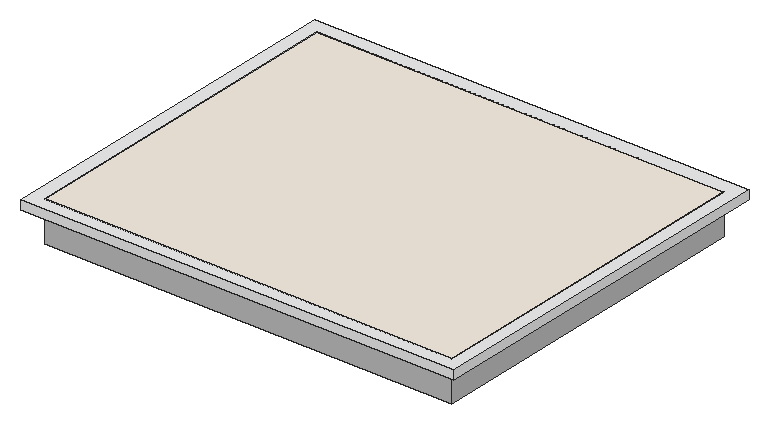
Revit family "Lighting-Industrial-GEWISS-ELIA-HL-LED_HIGHBAY", category Apparecchi per illuminazione, host Superficie, Revit 2019 (continued)
Types (12, lengths in mm): name | Weight (kg): | Weight (kg) | Voltage | Technical sheet | System power | Optic | built-in parameter 1150142 | Lumen output (lm) | Model | IDT | File diagramma fotometrico | Description
    6.18 \r\n410.76 386.96 364.36 342.97 323.07 304.10 285.68 267.10 \r\n246.81 226.65 208.11 190.53 173.87 157.85 142.13 126.90 \r\n112.25 98.18 84.63 71.80 59.88 48.88 38.80 29.70 21.44 \r\n14.57 9.76 6.59 4.86 4.63 \r\n13471.52 13472.86 13475.55 13478.24 13482.28 13486.31 \r\n13493.04 13501.11 13509.18 13518.59 13528.01 13538.77 \r\n13550.87 13562.98 13577.77 13589.88 13603.33 13619.47 \r\n13634.26 13650.40 13666.54 13682.68 13697.48 13710.93 \r\n13727.07 13741.86 13755.31 13768.76 13779.52 13791.63 \r\n13801.04 13810.46 13817.18 13822.56 13823.91 13823.91 \r\n13819.87 13813.15 13805.08 13791.63 13776.83 13758.00 \r\n13736.48 13712.27 13682.68 13651.75 13616.78 13577.77 \r\n13533.39 13486.31 13435.20 13380.06 13318.19 13253.63 \r\n13181.00 13104.33 13019.60 12928.14 12828.61 12719.66 \r\n12601.30 12474.87 12337.68 12191.08 12032.37 11864.24 \r\n11686.70 11502.44 11306.07 11098.94 10874.32 10628.19 \r\n10360.53 10071.36 9768.73 9471.49 9172.90 8875.65 8582.44 \r\n8297.30 8021.58 7753.92 7497.03 7245.51 7004.76 6780.14 \r\n6568.98 6365.89 6166.82 5973.15 5783.50 5592.51 5405.55 \r\n5225.32 5051.82 4885.04 4723.64 4564.93 4411.60 4260.96 \r\n4118.39 3981.20 3848.05 3714.89 3585.77 3460.68 3339.63 \r\n3222.62 3108.29 2993.97 2879.64 2766.66 2655.43 2546.49 \r\n2440.37 2338.01 2238.48 2140.70 2047.22 1960.07 1878.83 \r\n1804.18 1734.78 1669.41 1606.87 1546.48 1486.76 1425.57 \r\n1364.91 1305.86 1247.49 1188.04 1130.47 1078.15 1027.98 \r\n976.47 926.57 880.17 836.59 796.11 757.77 720.65 684.60 \r\n649.50 615.47 583.06 551.99 521.86 492.81 463.22 434.97 \r\n409.82 386.28 363.69 342.44 322.53 303.57 285.01 266.11 \r\n245.79 225.70 207.41 190.09 173.49 157.46 141.74 126.52 \r\n111.94 97.94 84.44 71.66 59.77 48.78 38.72 29.66 21.44 \r\n14.61 9.81 6.64 4.89 4.64 \r\n13471.52 13472.86 13475.55 13478.24 13482.28 13486.31 \r\n13493.04 13501.11 13509.18 13518.59 13528.01 13538.77 \r\n13550.87 13561.63 13576.43 13589.88 13603.33 13618.12 \r\n13634.26 13649.06 13665.20 13679.99 13696.13 13710.93 \r\n13725.72 13740.52 13753.97 13767.42 13779.52 13790.28 \r\n13801.04 13809.11 13817.18 13822.56 13823.91 13823.91 \r\n13821.22 13814.49 13806.42 13794.32 13779.52 13762.04 \r\n13740.52 13716.31 13688.06 13657.13 13623.50 13584.50 \r\n13540.11 13494.38 13443.27 13389.47 13327.60 13264.39 \r\n13193.10 13116.44 13033.05 12941.59 12843.40 12735.80 \r\n12620.13 12495.05 12357.86 12211.25 12055.23 11888.45 \r\n11712.26 11526.65 11331.62 11124.49 10903.91 10659.12 \r\n10392.81 10102.29 9799.67 9501.08 9201.14 8903.90 8609.34 \r\n8318.82 8039.06 7768.72 7507.79 7254.93 7012.83 6786.87 \r\n6573.01 6367.23 6169.51 5975.84 5788.88 5596.55 5408.24 \r\n5223.98 5047.78 4881.00 4720.95 4560.90 4406.22 4256.93 \r\n4113.01 3974.47 3841.32 3708.16 3580.39 3455.30 3335.60 \r\n3218.59 3104.26 2991.28 2878.30 2765.32 2653.28 2542.99 \r\n2435.39 2331.83 2231.76 2135.05 2043.06 1956.44 1875.47 \r\n1800.95 1731.15 1665.65 1602.97 1542.18 1482.32 1421.26 \r\n1360.60 1301.56 1243.18 1184.00 1126.84 1075.46 1025.70 \r\n974.18 924.01 877.48 833.90 793.95 756.16 719.17 683.39 \r\n648.02 613.86 581.85 551.18 521.19 492.00 462.14 433.76 \r\n408.75 385.48 363.28 342.03 322.13 303.03 284.06 265.05 \r\n244.72 224.76 206.74 189.67 173.10 157.06 141.35 126.16 \r\n111.65 97.73 84.28 71.55 59.68 48.70 38.68 29.64 21.46 \r\n14.67 9.87 6.69 4.93 4.66 \r\n13471.52 13472.86 13475.55 13478.24 13482.28 13486.31 \r\n13493.04 13501.11 13509.18 13517.25 13528.01 13537.42 \r\n13549.53 13561.63 13576.43 13589.88 13601.98 13618.12 \r\n13632.92 13647.71 13663.85 13678.65 13694.79 13709.58 \r\n13724.38 13739.17 13753.97 13766.07 13778.18 13790.28 \r\n13801.04 13809.11 13817.18 13821.22 13825.25 13825.25 \r\n13822.56 13815.84 13807.77 13797.01 13783.56 13764.73 \r\n13745.90 13720.34 13693.44 13662.51 13628.88 13589.88 \r\n13548.18 13501.11 13450.00 13396.20 13337.02 13273.80 \r\n13203.86 13127.20 13045.15 12955.04 12858.20 12751.94 \r\n12637.62 12512.53 12378.03 12231.43 12078.10 11911.32 \r\n11735.12 11550.86 11357.18 11152.74 10929.47 10687.37 \r\n10422.40 10133.23 9831.95 9532.01 9230.73 8932.14 8636.24 \r\n8341.69 8053.86 7782.17 7521.24 7264.34 7020.90 6792.25 \r\n6575.70 6368.57 6172.20 5979.87 5791.57 5599.23 5409.59 \r\n5223.98 5045.10 4879.66 4719.60 4558.20 4400.84 4251.55 \r\n4107.63 3970.44 3837.28 3704.13 3576.35 3452.61 3331.56 \r\n3215.89 3102.91 2989.93 2876.95 2763.97 2651.94 2540.17 \r\n2431.09 2326.31 2225.71 2130.08 2039.42 1953.48 1872.64 \r\n1798.00 1728.19 1662.29 1599.34 1538.14 1477.89 1416.96 \r\n1356.43 1297.25 1238.74 1179.97 1123.34 1072.64 1023.54 \r\n971.90 921.73 875.19 831.75 791.94 754.54 717.83 681.91 \r\n646.54 612.38 580.77 550.37 520.65 491.33 461.20 432.69 \r\n407.80 384.94 362.88 341.63 321.72 302.49 283.26 263.97 \r\n243.69 223.90 206.12 189.27 172.71 156.64 140.94 125.80 \r\n111.37 97.53 84.16 71.47 59.64 48.66 38.66 29.63 21.50 \r\n14.74 9.94 6.74 4.97 4.67 \r\n13471.52 13472.86 13475.55 13478.24 13482.28 13486.31 \r\n13493.04 13501.11 13507.83 13517.25 13525.32 13537.42 \r\n13548.18 13561.63 13575.08 13588.53 13601.98 13616.78 \r\n13631.57 13647.71 13662.51 13678.65 13693.44 13709.58 \r\n13724.38 13737.83 13751.28 13764.73 13778.18 13788.94 \r\n13799.70 13809.11 13817.18 13822.56 13823.91 13825.25 \r\n13823.91 13817.18 13810.46 13799.70 13784.90 13768.76 \r\n13748.59 13724.38 13697.48 13667.89 13634.26 13596.60 \r\n13554.91 13509.18 13458.07 13404.27 13346.43 13283.22 \r\n13214.62 13140.65 13058.60 12968.49 12872.99 12769.43 \r\n12653.76 12531.36 12396.86 12252.95 12098.27 11932.84 \r\n11757.99 11575.07 11382.73 11176.95 10956.37 10714.27 \r\n10451.99 10164.16 9861.54 9560.26 9257.63 8959.04 8661.80 \r\n8361.86 8072.69 7795.62 7530.65 7273.76 7027.62 6797.63 \r\n6579.74 6371.26 6172.20 5981.21 5794.26 5601.92 5409.59 \r\n5222.64 5042.40 4876.97 4716.91 4555.51 4399.49 4248.85 \r\n4104.94 3966.40 3834.60 3701.44 3573.66 3449.92 3328.88 \r\n3214.55 3101.57 2989.93 2876.95 2763.97 2651.26 2538.15 \r\n2427.46 2321.60 2220.59 2125.91 2036.20 1950.92 1870.49 \r\n1795.71 1725.63 1659.33 1595.98 1534.51 1473.85 1412.92 \r\n1352.53 1293.22 1234.71 1176.20 1119.98 1069.81 1021.26 \r\n969.74 919.44 872.91 829.60 790.05 752.80 716.35 680.70 \r\n645.20 611.03 579.56 549.57 519.84 490.52 460.39 431.75 \r\n407.13 384.54 362.34 341.23 321.32 301.95 282.45 262.93 \r\n242.75 223.14 205.58 188.92 172.35 156.22 140.55 125.45 \r\n111.10 97.34 84.04 71.42 59.60 48.66 38.66 29.64 21.55 \r\n14.83 10.02 6.80 5.00 4.69 \r\n13471.52 13472.86 13475.55 13478.24 13482.28 13486.31 \r\n13493.04 13501.11 13507.83 13517.25 13525.32 13536.08 \r\n13548.18 13561.63 13573.74 13587.19 13601.98 13615.43 \r\n13630.23 13645.02 13661.16 13675.96 13693.44 13706.89 \r\n13721.69 13736.48 13751.28 13764.73 13775.49 13788.94 \r\n13798.35 13807.77 13815.84 13822.56 13823.91 13825.25 \r\n13823.91 13819.87 13810.46 13801.04 13787.59 13771.45 \r\n13751.28 13728.41 13701.51 13673.27 13640.99 13601.98 \r\n13560.29 13514.56 13464.79 13410.99 13354.50 13292.63 \r\n13224.04 13150.06 13069.36 12981.94 12886.44 12784.22 \r\n12671.24 12547.50 12414.35 12271.78 12118.45 11954.36 \r\n11780.85 11597.93 11405.60 11201.16 10981.92 10741.17 \r\n10481.58 10193.75 9892.47 9589.85 9285.88 8984.60 8686.01 \r\n8383.38 8087.48 7807.72 7541.41 7281.83 7034.35 6801.66 \r\n6582.43 6372.61 6172.20 5982.56 5795.60 5603.27 5409.59 \r\n5221.29 5041.06 4874.28 4715.57 4554.17 4396.80 4246.16 \r\n4102.25 3965.06 3831.90 3701.44 3573.66 3448.58 3328.88 \r\n3213.20 3101.57 2989.93 2876.95 2763.97 2651.26 2537.07 \r\n2425.03 2318.11 2216.69 2122.54 2033.91 1949.17 1869.01 \r\n1794.23 1723.75 1656.91 1593.15 1531.01 1470.22 1409.29 \r\n1348.90 1289.32 1230.67 1172.57 1116.89 1067.12 1018.84 \r\n967.59 917.42 871.16 827.71 788.44 751.18 714.87 679.49 \r\n643.85 609.69 578.48 548.63 519.04 489.71 459.59 430.80 \r\n406.32 384.00 361.94 340.96 320.92 301.41 281.78 262.01 \r\n241.94 222.54 205.15 188.61 172.04 155.86 140.19 125.14 \r\n110.85 97.18 83.94 71.38 59.61 48.68 38.67 29.66 21.61 \r\n14.93 10.11 6.86 5.05 4.71 \r\n13471.52 13472.86 13475.55 13478.24 13482.28 13486.31 \r\n13493.04 13501.11 13507.83 13517.25 13526.66 13536.08 \r\n13548.18 13561.63 13573.74 13587.19 13600.64 13615.43 \r\n13630.23 13645.02 13658.47 13675.96 13692.10 13706.89 \r\n13720.34 13736.48 13749.93 13763.38 13775.49 13787.59 \r\n13798.35 13806.42 13814.49 13821.22 13823.91 13825.25 \r\n13823.91 13819.87 13810.46 13802.39 13788.94 13771.45 \r\n13752.62 13731.10 13704.20 13677.30 13645.02 13606.02 \r\n13565.67 13519.94 13471.52 13420.41 13362.57 13300.70 \r\n13234.80 13160.82 13081.47 12994.04 12901.24 12797.67 \r\n12686.04 12563.64 12431.83 12289.26 12137.28 11974.53 \r\n11801.03 11619.45 11428.46 11225.37 11007.48 10769.41 \r\n10511.17 10226.03 9927.44 9619.44 9310.09 9006.12 8703.49 \r\n8399.52 8100.93 7821.17 7549.48 7288.55 7038.38 6804.35 \r\n6583.77 6372.61 6172.20 5977.18 5788.88 5595.20 5405.55 \r\n5219.94 5041.06 4875.63 4716.91 4556.86 4402.18 4252.89 \r\n4107.63 3969.10 3835.94 3704.13 3576.35 3452.61 3331.56 \r\n3217.24 3104.26 2992.63 2879.64 2765.32 2652.74 2537.75 \r\n2425.44 2319.32 2218.58 2123.76 2034.18 1949.58 1869.68 \r\n1794.63 1723.62 1656.10 1591.40 1528.86 1467.66 1406.60 \r\n1346.21 1286.76 1228.12 1170.15 1114.60 1064.70 1016.42 \r\n965.58 915.81 869.81 826.77 787.09 749.70 713.12 677.61 \r\n642.37 608.34 577.00 546.88 517.15 487.97 458.24 430.13 \r\n405.79 383.46 361.67 340.55 320.51 300.74 281.10 261.64 \r\n241.83 222.65 205.26 188.62 171.93 155.66 139.99 124.95 \r\n110.71 97.10 83.93 71.41 59.66 48.77 38.76 29.72 21.71 \r\n15.05 10.21 6.93 5.09 4.73 \r\n13471.52 13472.86 13475.55 13478.24 13482.28 13487.66 \r\n13491.69 13499.76 13507.83 13515.90 13525.32 13536.08 \r\n13546.84 13560.29 13572.39 13585.84 13600.64 13614.09 \r\n13628.88 13643.68 13658.47 13674.61 13690.75 13705.55 \r\n13719.00 13735.14 13748.59 13762.04 13774.14 13786.25 \r\n13797.01 13806.42 13813.15 13819.87 13822.56 13825.25 \r\n13823.91 13819.87 13811.80 13802.39 13790.28 13774.14 \r\n13755.31 13732.45 13706.89 13678.65 13647.71 13611.40 \r\n13569.70 13526.66 13478.24 13427.13 13370.64 13308.77 \r\n13242.87 13170.24 13090.88 13006.15 12912.00 12809.78 \r\n12699.49 12578.44 12447.97 12305.40 12153.42 11992.02 \r\n11821.20 11639.63 11447.29 11248.23 11030.34 10794.97 \r\n10539.42 10256.97 9959.72 9649.03 9332.95 9026.29 8720.98 \r\n8412.97 8114.38 7831.93 7558.90 7293.93 7042.42 6807.04 \r\n6585.12 6373.95 6170.86 5973.15 5779.46 5587.13 5397.48 \r\n5215.91 5039.71 4875.63 4716.91 4560.90 4407.56 4258.27 \r\n4114.35 3975.82 3842.66 3709.51 3581.74 3456.65 3336.94 \r\n3221.27 3109.64 2995.31 2882.34 2768.01 2654.49 2539.36 \r\n2426.92 2321.60 2221.54 2125.64 2034.99 1950.52 1871.03 \r\n1795.71 1724.16 1655.69 1590.19 1527.11 1465.65 1404.45 \r\n1344.06 1284.47 1225.97 1168.13 1112.72 1062.42 1013.73 \r\n963.56 914.60 869.00 826.10 786.02 747.95 711.37 676.00 \r\n640.89 607.00 575.39 545.13 515.27 485.95 457.03 429.46 \r\n405.38 382.92 361.27 340.28 320.11 300.20 280.70 261.41 \r\n241.88 222.93 205.49 188.70 171.89 155.54 139.83 124.79 \r\n110.60 97.03 83.91 71.43 59.74 48.86 38.84 29.81 21.80 \r\n15.16 10.31 7.01 5.14 4.76 \r\n13471.52 13472.86 13475.55 13478.24 13482.28 13487.66 \r\n13493.04 13499.76 13506.49 13515.90 13525.32 13534.73 \r\n13546.84 13558.94 13572.39 13585.84 13599.29 13612.74 \r\n13627.54 13642.33 13657.13 13673.27 13689.41 13702.86 \r\n13717.65 13733.79 13747.24 13760.69 13774.14 13784.90 \r\n13795.66 13805.08 13811.80 13818.53 13821.22 13823.91 \r\n13822.56 13818.53 13811.80 13802.39 13790.28 13774.14 \r\n13756.66 13735.14 13709.58 13681.34 13650.40 13615.43 \r\n13575.08 13530.70 13484.97 13433.86 13377.37 13318.19 \r\n13252.28 13179.65 13101.64 13016.91 12924.10 12823.23 \r\n12711.59 12591.89 12462.77 12322.89 12170.90 12010.85 \r\n11838.69 11658.46 11466.12 11267.06 11053.21 10819.18 \r\n10566.32 10286.56 9990.66 9675.93 9355.82 9043.78 8735.77 \r\n8427.77 8126.49 7841.35 7566.97 7299.31 7045.11 6809.73 \r\n6586.46 6373.95 6169.51 5967.76 5770.05 5577.71 5390.76 \r\n5211.88 5041.06 4875.63 4718.26 4564.93 4412.94 4264.99 \r\n4122.43 3983.89 3848.05 3714.89 3585.77 3462.03 3342.32 \r\n3226.65 3113.67 2999.35 2885.02 2770.70 2656.91 2541.24 \r\n2428.80 2324.56 2225.03 2128.19 2036.46 1952.00 1872.78 \r\n1797.19 1725.10 1655.69 1589.25 1525.90 1464.17 1402.70 \r\n1342.31 1282.59 1224.08 1166.25 1110.97 1060.13 1011.31 \r\n961.67 913.52 868.47 825.70 785.21 746.61 709.76 674.25 \r\n639.55 605.92 574.05 543.38 513.39 484.33 455.82 429.05 \r\n404.98 382.65 360.86 340.02 319.57 299.67 280.30 261.32 \r\n242.10 223.36 205.81 188.82 171.88 155.43 139.71 124.68 \r\n110.52 96.99 83.90 71.46 59.83 48.98 38.94 29.89 21.90 \r\n15.28 10.41 7.08 5.19 4.78 \r\n13471.52 13472.86 13475.55 13478.24 13482.28 13487.66 \r\n13493.04 13499.76 13506.49 13515.90 13525.32 13536.08 \r\n13545.49 13558.94 13571.05 13584.50 13597.95 13612.74 \r\n13626.19 13640.99 13655.78 13670.58 13688.06 13701.51 \r\n13717.65 13731.10 13745.90 13759.35 13772.80 13783.56 \r\n13794.32 13803.73 13811.80 13817.18 13821.22 13822.56 \r\n13821.22 13817.18 13811.80 13802.39 13791.63 13775.49 \r\n13758.00 13735.14 13710.93 13684.03 13653.09 13618.12 \r\n13579.12 13536.08 13489.00 13437.89 13384.09 13324.91 \r\n13260.35 13189.07 13111.06 13027.67 12934.86 12833.99 \r\n12722.35 12605.34 12477.56 12337.68 12185.70 12025.64 \r\n11854.83 11674.60 11483.61 11284.55 11073.38 10842.04 \r\n10590.53 10314.80 10020.25 9701.48 9374.65 9059.92 \r\n8749.22 8439.87 8137.25 7848.07 7572.35 7303.35 7047.80 \r\n6812.42 6589.15 6375.30 6168.17 5962.39 5761.98 5569.65 \r\n5385.38 5209.18 5041.06 4876.97 4719.60 4567.62 4419.67 \r\n4271.72 4129.15 3990.61 3854.77 3721.61 3591.15 3467.41 \r\n3347.70 3232.03 3119.05 3002.04 2887.71 2773.39 2659.20 \r\n2543.66 2431.36 2327.79 2228.80 2131.02 2037.94 1953.61 \r\n1874.53 1798.80 1726.17 1656.10 1588.85 1524.83 1462.96 \r\n1401.36 1340.83 1281.11 1222.61 1164.77 1109.22 1057.98 \r\n1008.88 959.93 912.45 867.93 825.56 784.54 745.40 708.28 \r\n672.90 638.47 604.98 572.97 541.90 511.77 482.72 455.01 \r\n428.92 404.98 382.38 360.73 339.88 319.30 299.26 280.16 \r\n261.33 242.44 223.90 206.20 188.99 171.90 155.36 139.61 \r\n124.61 110.46 96.95 83.90 71.50 59.89 49.08 39.02 29.94 \r\n21.98 15.39 10.50 7.14 5.24 4.80 \r\n13471.52 13472.86 13475.55 13478.24 13480.93 13486.31 \r\n13493.04 13498.42 13506.49 13514.56 13523.97 13534.73 \r\n13545.49 13557.60 13571.05 13583.15 13597.95 13611.40 \r\n13624.85 13639.64 13654.44 13669.23 13685.37 13701.51 \r\n13716.31 13729.76 13744.55 13758.00 13771.45 13782.21 \r\n13792.97 13803.73 13810.46 13815.84 13819.87 13821.22 \r\n13819.87 13817.18 13810.46 13802.39 13790.28 13775.49 \r\n13758.00 13737.83 13713.62 13686.72 13655.78 13622.16 \r\n13583.15 13540.11 13494.38 13444.62 13389.47 13331.64 \r\n13267.08 13195.79 13119.13 13035.74 12944.28 12843.40 \r\n12734.46 12616.10 12489.67 12349.79 12200.49 12039.09 \r\n11869.62 11689.39 11498.40 11302.03 11090.87 10862.22 \r\n10612.05 10340.36 10047.15 9725.69 9394.82 9074.71 \r\n8759.98 8447.94 8145.32 7856.14 7577.73 7307.38 7051.83 \r\n6813.77 6591.84 6375.30 6166.82 5957.00 5755.25 5562.92 \r\n5378.65 5206.49 5041.06 4876.97 4720.95 4570.31 4425.05 \r\n4278.44 4135.88 3997.34 3861.49 3726.99 3596.53 3472.79 \r\n3351.74 3236.07 3121.74 3007.42 2891.75 2776.08 2661.62 \r\n2546.09 2434.05 2331.02 2232.30 2133.57 2039.56 1955.36 \r\n1876.54 1800.55 1727.52 1656.64 1588.58 1524.42 1462.15 \r\n1400.41 1339.75 1279.90 1221.26 1163.42 1107.74 1055.96 \r\n1006.60 958.18 911.78 867.93 825.56 784.00 744.19 707.07 \r\n671.83 637.53 604.44 572.03 540.69 510.56 481.64 454.48 \r\n429.05 405.25 382.38 360.59 339.75 318.90 298.86 279.89 \r\n261.47 242.85 224.51 206.63 189.16 171.94 155.31 139.54 \r\n124.56 110.41 96.92 83.89 71.53 59.96 49.16 39.07 29.97 \r\n22.05 15.49 10.59 7.20 5.27 4.82 \r\n13471.52 13472.86 13475.55 13478.24 13480.93 13486.31 \r\n13493.04 13498.42 13506.49 13514.56 13525.32 13534.73 \r\n13545.49 13557.60 13569.70 13584.50 13597.95 13611.40 \r\n13624.85 13639.64 13653.09 13669.23 13684.03 13700.17 \r\n13713.62 13729.76 13744.55 13758.00 13770.11 13782.21 \r\n13791.63 13802.39 13809.11 13814.49 13818.53 13821.22 \r\n13819.87 13817.18 13810.46 13802.39 13790.28 13775.49 \r\n13758.00 13737.83 13714.96 13688.06 13657.13 13623.50 \r\n13587.19 13544.15 13498.42 13448.65 13394.85 13337.02 \r\n13272.46 13202.52 13125.85 13043.81 12952.35 12851.47 \r\n12743.87 12626.86 12501.77 12361.89 12211.25 12051.20 \r\n11881.73 11702.84 11511.85 11316.83 1
